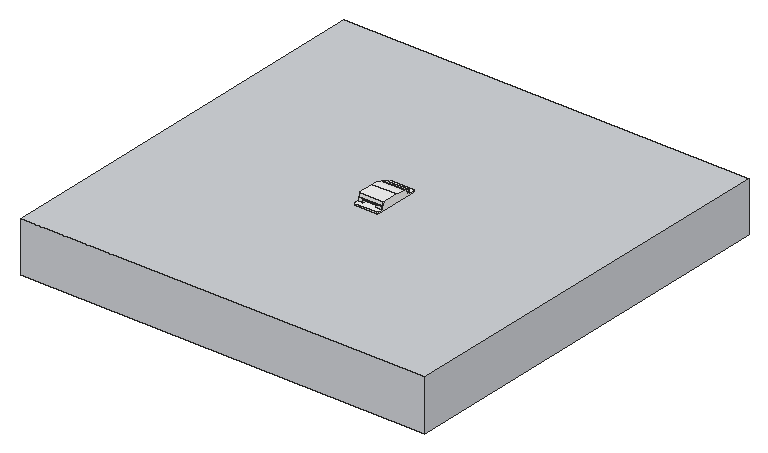
Revit family "Legrand_Gestion_eclairage_Actionneur_KNX", category Dispositifs d'éclairage, Revit 2020
Family settings
  Hôte = Face
  Conserver l'orientation des annotations = Non
  Cote de connecteur circulaire = Utiliser le diamètre
  Type d'élément = Normal
  Couper avec des vides une fois chargée = Non
  Partagée = Non
  Point de calcul de pièce = Non
Parameters (values of type "Variation 1-10V 4 sorties")
  Variation 10-10V 4 sorties = yes
  URL = "http://www.legrandoc.com/048887"
  Télécommandable = no
  Type de tension = ""
  Tension nominale (V) = 0
  Température (MIN) (°C) = 0
  Température (MAX) (°C) = 0
  Sensibilité réglable = no
  Sensibilité lumineuse réglable = no
  Sensibilité lumineuse (MIN) (lx) = 0
  Sensibilité lumineuse (MAX) (lx) = 0
  Réglage de lumière constante = no
  Portée max. latérale (m) = 0
  Portée max. frontale (m) = 0
  Numéro RAL = 0
  Modèle = "048887"
  Mode de montage = "autre"
  Liaison neutre = no
  Hauteur de montage maximale (m) = 0
  Gestion alarme = no
  Gestion CVC = no
  Fréquence (MIN) (Hz) = 0
  Fréquence (MAX) (Hz) = 0
  Fonction variateur intégré = no
  Fabricant = "Legrand"
  Exécution - Modèle = ""
  Entrée secondaire = no
  Default Elevation = 1219.2 mm
  Durée d'enclenchement min. (s) = 0
  Durée d'enclenchement max. (mn) = 0
  Diamètre de détection sur le plancher (m) = 0
  Description = "KNX CONTROLLEUR FAUX PLAFOND 4 SORTIES 1-10V"
  DALI 4 sorties = no
  Courant de démarrage max. (A) = 0
  Coupure forcée = no
  Couleur = none
  Cosses d'artère secondaire = no
  Condition Générale d'Utilisation = "https://export.legrand.com/CGU-objets-BIM"
  Collecteur de terre = no
  Classe de protection (IP) = "IP20"
  Capacité de coupure max. (W) = 0
  Angle de détection horizontal (MIN) (°) = 0
  Angle de détection horizontal (MAX) (°) = 0
  Adapté pour transmission sans fil = no
Types (3, lengths in mm): name | Variation 10-10V 4 sorties | URL | Modèle | Description | DALI 4 sorties
  (no name) | no | "http://www.legrandoc.com/048888" | "048888" | "KNX CONTROLLEUR FAUX PLAFOND 4 SORTIES DALI" | yes
  Variation 1-10V 4 sorties | yes | "http://www.legrandoc.com/048887" | "048887" | "KNX CONTROLLEUR FAUX PLAFOND 4 SORTIES 1-10V" | no
  DALI 4 sorties | no | "http://www.legrandoc.com/048888" | "048888" | "KNX CONTROLLEUR FAUX PLAFOND 4 SORTIES DALI" | yes
Reference planes
  plane 1 "Centre (avant/arrière)": y = 0
  plane 2: z = 0
  plane 3 "Centre (gauche/droite)": x = 0
Forms (mm)
  Extrusion 1, solid
    sketch origin (0, 0, 0) x (1, 0, 0) y (0, 1, 0)
      loop
        line (-1219.2, 1219.2) -> (-1219.2, -1219.2) -> (1219.2, -1219.2) -> (1219.2, 1219.2) -> (-1219.2, 1219.2)
    from 0 to -304.8
Dimensions and locks
  aligned and locked: plane 2 to Extrusion 1
  aligned and locked: level to Extrusion 1
Nested families
  nested 1: "Legrand-Gestion_éclairage-Actionneur-KNX" at (0, 0, 0), type "DALI 4 sorties"
    with Variation 1-10V 4 sorties yes, DALI 4 sorties no
Connectors
  electrical at (0, 0, 0)
    settings: index 1, voltage 230 V, apparent load 0 VA, apparent load phase1 0 VA, apparent load phase2 0 VA, apparent load phase3 0 VA, power factor 1, load classification "Eclairage", number of poles 1, system type 30, power factor state 1, is connector primary yes, connector utility no, sub classification motor no, connector description ""
Definition of nested family "Legrand-Gestion_éclairage-Actionneur-KNX"
  Parameters (values of type "Variation 1-10V 4 sorties")
    Variation 1-10V 4 sorties = yes
    built-in parameter 1140140 [instance] = 1 (stored number, unit not read)
    Default Elevation = 1219.2 mm
    DALI 4 sorties = no
    built-in parameter 1140142 [instance] = -1
    built-in parameter 1155100 [instance] = -1
  Types (3, lengths in mm): name | Variation 1-10V 4 sorties | DALI 4 sorties
    (no name) | yes | no
    DALI 4 sorties | no | yes
    Variation 1-10V 4 sorties | yes | no
  Reference planes
    plane 1 "Centre (avant/arrière)": y = 0
    plane 2: z = 0
    plane 3 "Centre (gauche/droite)": x = 0
  Forms (mm)
    Extrusion 1, solid
      sketch origin (0, 0, 0) x (1, 0, 0) y (0, 1, 0)
        loop
          line (-1219.2, 1219.2) -> (-1219.2, -1219.2) -> (1219.2, -1219.2) -> (1219.2, 1219.2) -> (-1219.2, 1219.2)
      from 0 to -304.8
  Dimensions and locks
    aligned and locked: plane 2 to Extrusion 1
    aligned and locked: level to Extrusion 1
  Nested families
    nested 1: "Modelisation 41" at (0, 0, 0), type "Modelisation 41"
  Definition of nested family "Modelisation 41"
    Parameters (values of type "Modelisation 41 - 048887")
      Profondeur totale = 82 mm
      Longueur capot = 65 mm
      Largeur capot = 52 mm
      built-in parameter 1140140 [instance] = 1 (stored number, unit not read)
      Default Elevation = 0 mm
      Diamètre capot = 102 mm
      Ray Capot = Diamètre capot / 2  # 51 mm
      built-in parameter 1140142 [instance] = -1
      Commande 048888 = no
      Commande 048887 = yes
      built-in parameter 1155100 [instance] = -1
    Types (3, lengths in mm): name | Commande 048888 | Commande 048887
      (no name) | no | yes
      Modelisation 41 - 048888 | yes | no
      Modelisation 41 - 048887 | no | yes
    Reference planes
      plane 1 "Centre (avant/arrière)": y = 0
      plane 2: z = 0
      plane 3 "Centre (gauche/droite)": x = 0
      plane 4: z = 50
      plane 5: y = 137.5
      plane 6: y = -137.5
      plane 7: y = 120
      plane 8: y = -120
      plane 9: x = 73.5
      plane 10: x = -73.5
      plane 11: x = 25
      plane 12: x = -25
      plane 13: y = 106.929
      plane 14: z = 3.5
      plane 15: z = 10.5
      plane 16: y = -106.929
      plane 17: z = 23.296
    Forms (mm)
      Extrusion 1, solid
        sketch origin (0, 0, 0) x (1, 0, 0) y (0, 1, 0)
          loop
            line (-73.5, 0) -> (-73.5, -123.239)
            arc (-73.5, -123.239) -> (-72.403, -129.085) -> (-70.498, -134.719) r 42.362
            arc (-70.498, -134.719) -> (-68.889, -136.64) -> (-66.535, -137.5) r 4.842
            line (-66.535, -137.5) -> (66.535, -137.5)
            arc (66.535, -137.5) -> (68.889, -136.64) -> (70.498, -134.719) r 4.842
            arc (70.498, -134.719) -> (72.403, -129.085) -> (73.5, -123.239) r 42.362
            line (73.5, -123.239) -> (73.5, 0) -> (73.5, 123.239)
            arc (73.5, 123.239) -> (72.403, 129.085) -> (70.498, 134.719) r 42.362
            arc (70.498, 134.719) -> (68.889, 136.64) -> (66.535, 137.5) r 4.842
            line (66.535, 137.5) -> (-66.535, 137.5)
            arc (-66.535, 137.5) -> (-68.889, 136.64) -> (-70.498, 134.719) r 4.842
            arc (-70.498, 134.719) -> (-72.403, 129.085) -> (-73.5, 123.239) r 42.362
            line (-73.5, 123.239) -> (-73.5, 0)
        from 3.5 to 10.5
      Extrusion 2, solid
        sketch origin (0, 0, 0) x (0, 1, 0) y (0, 0, 1)
          loop
            line (105.429, 10.5) -> (105.429, 12.012)
            arc (105.429, 12.012) -> (84.808, 18.644) -> (71.919, 36.053) r 35.376
            line (71.919, 36.053) -> (71.919, 39.053)
            arc (71.919, 39.053) -> (36.373, 47.248) -> (0, 50) r 241.719
            line (0, 50) -> (-97.429, 50) -> (-97.429, 29) -> (-105.429, 29) -> (-105.429, 10.5) -> (105.429, 10.5)
        from -73.5 to 73.5
      Extrusion 3, solid
        sketch origin (0, 15.669, -1.514) x (0, 1, 0) y (0, 0, 1)
          loop
            arc (88.261, 27.531) -> (72.479, 34.369) -> (56.25, 40.068) r 241.719
            line (56.25, 40.068) -> (56.25, 37.568)
            arc (56.25, 37.568) -> (68.535, 20.602) -> (88.261, 13.558) r 35.376
            line (88.261, 13.558) -> (88.261, 27.531)
        from -72 to 72
      Extrusion 4, void
        sketch origin (0, 0, 0) x (1, 0, 0) y (0, 1, 0)
          loop
            arc (-72, 89.161) -> (-67.525, 99.618) -> (-57, 103.929) r 15.002
            line (-57, 103.929) -> (-57, 105.429) -> (-73.5, 105.429) -> (-73.5, 89.161) -> (-72, 89.161)
          loop
            line (72, 89.161) -> (73.5, 89.161) -> (73.5, 105.429) -> (57, 105.429) -> (57, 103.929)
            arc (57, 103.929) -> (67.525, 99.618) -> (72, 89.161) r 15.002
        from 10.5 to 36.053
      Extrusion 5, void
        sketch origin (0, 0, 0) x (1, 0, 0) y (0, 1, 0)
          loop
            line (-62.869, 106.929) -> (-74.691, 106.929) -> (-74.691, 94.753) -> (-73.5, 94.753)
            arc (-73.5, 94.753) -> (-70.281, 102.178) -> (-62.869, 105.429) r 11.072
            line (-62.869, 105.429) -> (-62.869, 106.929)
        from 10.5 to 20
      Extrusion 6, void
        sketch origin (0, 0, 0) x (-1, 0, 0) y (0, -1, 0)
          loop
            line (-62.869, -106.929) -> (-62.869, -105.429)
            arc (-62.869, -105.429) -> (-70.281, -102.178) -> (-73.5, -94.753) r 11.072
            line (-73.5, -94.753) -> (-74.691, -94.753) -> (-74.691, -106.929) -> (-62.869, -106.929)
        from 10.5 to 20
      Extrusion 7, void
        sketch origin (0, 1.5, 0) x (1, 0, 0) y (0, 1, 0)
          loop
            line (-69.53, -98.929) -> (-70.5, -98.929)
            arc (-70.5, -98.929) -> (-72.621, -98.051) -> (-73.5, -95.929) r 3
            line (-73.5, -95.929) -> (-74.53, -95.929) -> (-74.53, -99.953) -> (-69.53, -99.953) -> (-69.53, -98.929)
        from 29 to 50
      Extrusion 8, void
        sketch origin (0, 0, 0) x (1, 0, 0) y (0, 1, 0)
          loop
            arc (73.5, -102.429) -> (72.621, -104.551) -> (70.5, -105.429) r 3
            line (70.5, -105.429) -> (70.5, -106.929) -> (74.801, -106.929) -> (74.801, -102.429) -> (73.5, -102.429)
        from 10.5 to 29
      Extrusion 9, void
        sketch origin (0, 0, 0) x (-1, 0, 0) y (0, -1, 0)
          loop
            line (73.5, 102.429) -> (74.801, 102.429) -> (74.801, 106.929) -> (70.5, 106.929) -> (70.5, 105.429)
            arc (70.5, 105.429) -> (72.621, 104.551) -> (73.5, 102.429) r 3
        from 10.5 to 29
      Extrusion 10, void
        sketch origin (0, 0, 0) x (1, 0, 0) y (0, 0, 1)
          loop
            line (-56, 12.044) -> (56.004, 12.044) -> (56.004, 18.74)
            arc (56.004, 18.74) -> (54.968, 21.24) -> (52.468, 22.276) r 3.536
            line (52.468, 22.276) -> (-52.464, 22.276)
            arc (-52.464, 22.276) -> (-54.964, 21.24) -> (-56, 18.74) r 3.536
            line (-56, 18.74) -> (-56, 12.044)
        from -109.5 to -66.528
      Extrusion 11, void
        sketch origin (0, 0, 0) x (1, 0, 0) y (0, 0, 1)
          loop
            line (-43.5, 25.296) -> (-43.5, 10.5) -> (31, 10.5) -> (31, 25.296) -> (-43.5, 25.296)
        from -71.919 to 106.929
      Extrusion 12, void
        sketch origin (0, 1.5, 0) x (-1, 0, 0) y (0, -1, 0)
          loop
            line (-69.53, 98.929) -> (-69.53, 99.953) -> (-74.53, 99.953) -> (-74.53, 95.929) -> (-73.5, 95.929)
            arc (-73.5, 95.929) -> (-72.621, 98.051) -> (-70.5, 98.929) r 3
            line (-70.5, 98.929) -> (-69.53, 98.929)
        from 29 to 50
    Cuts and joins
      Extrusion 5, Extrusion 6, Extrusion 7, Extrusion 8, Extrusion 9, Extrusion 11, Extrusion 12 cuts Extrusion 1
      Extrusion 5, Extrusion 6, Extrusion 7, Extrusion 8, Extrusion 9, Extrusion 11, Extrusion 12 cuts Extrusion 2
      joined: Extrusion 1, Extrusion 2
      Extrusion 4, Extrusion 5, Extrusion 10 cuts Extrusion 3
    Lines and regions (mm)
      model lines, not visible
        curve 1: line (86, 0, 0) -> (0, 0, 0)
        curve 2: line (0, 0, 0) -> (0, -52.187, 0)
        curve 3: arc (86, 0, 0) -> (84.972, -12.666, 0) -> (79.53, -24.148, 0) r 35.33
        curve 4: arc (79.53, -24.148, 0) -> (72.004, -39.03, 0) -> (69.387, -55.499, 0) r 53.916
        curve 5: line (56, -61, 0) -> (61, -60.563, 0)
        curve 6: line (61, -60.563, 0) -> (61, -59.687, 0)
        curve 7: arc (61, -59.687, 0) -> (65.726, -58.66, 0) -> (69.387, -55.499, 0) r 9.813
        curve 8: arc (0, -52.187, 0) -> (22.855, -55.983, 0) -> (46, -57.022, 0) r 193.641
        curve 9: arc (46, -57.022, 0) -> (51.397, -58.014, 0) -> (56, -61, 0) r 14.03
        curve 10: arc (0, -51, -35) -> (0, -46.894, -36.173) -> (0, -43.086, -38.106) r 22.313
        curve 11: line (0, -26, -43.1) -> (0, -21, -43.1)
        curve 12: arc (0, -43.086, -38.106) -> (0, -34.806, -42.622) -> (0, -26, -46) r 71.004
        curve 13: line (0, -26, -46) -> (0, -21, -46)
        curve 14: line (0, -21, -46) -> (0, -18.947, -48.932)
        curve 15: line (0, -18.947, -48.932) -> (0, -12.425, -52)
        curve 16: line (0, -12.425, -52) -> (0, 0, -52)
        curve 17: line (-35.5, 0, 0) -> (-35.5, 91.261, 0)
        curve 18: line (-31.215, 115.5, 0) -> (31.215, 115.5, 0)
        curve 19: line (35.5, 91.261, 0) -> (35.5, 0, 0)
        curve 20: arc (-35.5, 91.261, 0) -> (-34.744, 93.571, 0) -> (-32.498, 94.5, 0) r 2.907
        curve 21: line (-32.498, 94.5, 0) -> (-32.498, 105, 0)
        curve 22: arc (-35.5, 108.239, 0) -> (-34.744, 105.929, 0) -> (-32.498, 105, 0) r 2.907
        curve 23: arc (-35.5, 108.239, 0) -> (-34.746, 111.454, 0) -> (-33.278, 114.413, 0) r 14.377
        curve 24: arc (-33.483, 114.087, 0) -> (-32.538, 115.098, 0) -> (-31.215, 115.5, 0) r 2.672
        curve 25: arc (35.5, 91.261, 0) -> (34.744, 93.571, 0) -> (32.498, 94.5, 0) r 2.907
        curve 26: line (32.498, 94.5, 0) -> (32.498, 105, 0)
        curve 27: arc (35.5, 108.239, 0) -> (34.744, 105.929, 0) -> (32.498, 105, 0) r 2.907
        curve 28: arc (35.5, 108.239, 0) -> (34.746, 111.454, 0) -> (33.278, 114.413, 0) r 14.377
        curve 29: arc (33.483, 114.087, 0) -> (32.538, 115.098, 0) -> (31.215, 115.5, 0) r 2.672
        curve 30: line (-35.5, 0, 0) -> (-35.5, -91.261, 0)
        curve 31: line (-31.215, -115.5, 0) -> (31.215, -115.5, 0)
        curve 32: line (35.5, -91.261, 0) -> (35.5, 0, 0)
        curve 33: arc (-35.5, -91.261, 0) -> (-34.744, -93.571, 0) -> (-32.498, -94.5, 0) r 2.907
        curve 34: line (-32.498, -94.5, 0) -> (-32.498, -105, 0)
        curve 35: arc (-35.5, -108.239, 0) -> (-34.744, -105.929, 0) -> (-32.498, -105, 0) r 2.907
        curve 36: arc (-35.5, -108.239, 0) -> (-34.746, -111.454, 0) -> (-33.278, -114.413, 0) r 14.377
        curve 37: arc (-33.483, -114.087, 0) -> (-32.538, -115.098, 0) -> (-31.215, -115.5, 0) r 2.672
        curve 38: arc (35.5, -91.261, 0) -> (34.744, -93.571, 0) -> (32.498, -94.5, 0) r 2.907
        curve 39: line (32.498, -94.5, 0) -> (32.498, -105, 0)
        curve 40: arc (35.5, -108.239, 0) -> (34.744, -105.929, 0) -> (32.498, -105, 0) r 2.907
        curve 41: arc (35.5, -108.239, 0) -> (34.746, -111.454, 0) -> (33.278, -114.413, 0) r 14.377
        curve 42: arc (33.483, -114.087, 0) -> (32.538, -115.098, 0) -> (31.215, -115.5, 0) r 2.672
        curve 43: arc (0, 0, 44) -> (0, 29.131, 42.614) -> (0, 57.75, 37) r 199.673
        curve 44: line (0, 94.502, 7) -> (0, 94.502, 10)
        curve 45: line (0, 57.75, 37) -> (0, 57.75, 34)
        curve 46: arc (0, 57.75, 34) -> (0, 72.329, 16.185) -> (0, 94.502, 10) r 38.151
        curve 47: arc (0, 0, 44) -> (0, -29.131, 42.614) -> (0, -57.75, 37) r 199.673
        curve 48: line (0, -94.502, 7) -> (0, -94.502, 10)
        curve 49: line (0, -57.75, 37) -> (0, -57.75, 34)
        curve 50: arc (0, -57.75, 34) -> (0, -72.329, 16.185) -> (0, -94.502, 10) r 38.151
        curve 51: line (0, 94.502, 7) -> (0, -94.502, 7)
      model lines, visible <- "Commande 048887", not visible
        curve 52: line (-58.5, -27.5, 0) -> (-58.5, -93.429, 0)
        curve 53: line (-58.5, -93.429, 0) -> (31, -93.429, 0)
        curve 54: line (31, -93.429, 0) -> (31, -77.429, 0)
        curve 55: line (31, -77.429, 0) -> (58.5, -77.429, 0)
        curve 56: line (58.5, -77.429, 0) -> (58.5, -27.5, 0)
        curve 57: line (58.5, -27.5, 0) -> (-58.5, -27.5, 0)
        curve 58: circle (-30, -58.889, 0) r 5 normal (0, 0, 1)
        curve 59: circle (-30, -71.389, 0) r 5 normal (0, 0, 1)
        curve 60: circle (-17.5, -58.889, 0) r 5 normal (0, 0, 1)
        curve 61: circle (-17.5, -71.389, 0) r 5 normal (0, 0, 1)
        curve 62: circle (-5, -58.889, 0) r 5 normal (0, 0, 1)
        curve 63: circle (-5, -71.389, 0) r 5 normal (0, 0, 1)
        curve 64: circle (7.5, -58.889, 0) r 5 normal (0, 0, 1)
        curve 65: circle (7.5, -71.389, 0) r 5 normal (0, 0, 1)
        curve 66: circle (-17.5, -58.889, 0) r 5 normal (0, 0, 1)
        curve 67: circle (-17.5, -71.389, 0) r 5 normal (0, 0, 1)
        curve 68: circle (-5, -58.889, 0) r 5 normal (0, 0, 1)
        curve 69: circle (-5, -71.389, 0) r 5 normal (0, 0, 1)
        curve 70: circle (7.5, -58.889, 0) r 5 normal (0, 0, 1)
        curve 71: circle (7.5, -71.389, 0) r 5 normal (0, 0, 1)
        curve 72: circle (-23.75, -65.139, 0) r 1.5 normal (0, 0, 1)
        curve 73: circle (-11.25, -65.139, 0) r 1.5 normal (0, 0, 1)
        curve 74: circle (1.25, -65.139, 0) r 1.5 normal (0, 0, 1)
        curve 75: circle (-36.25, -65.139, 0) r 1.5 normal (0, 0, 1)
        curve 76: circle (32.88, -65.139, 0) r 1.5 normal (0, 0, 1)
        curve 77: circle (32.88, -58.889, 0) r 1.5 normal (0, 0, 1)
      model lines, visible <- "Commande 048887"
        curve 78: line (-58.5, -27.5, 50) -> (-58.5, -93.429, 50)
        curve 79: line (-58.5, -93.429, 50) -> (31, -93.429, 50)
        curve 80: line (31, -93.429, 50) -> (31, -77.429, 50)
        curve 81: line (31, -77.429, 50) -> (58.5, -77.429, 50)
        curve 82: line (58.5, -77.429, 50) -> (58.5, -27.5, 50)
        curve 83: line (58.5, -27.5, 50) -> (-58.5, -27.5, 50)
        curve 84: circle (-30, -58.889, 50) r 5 normal (0, 0, 1)
        curve 85: circle (-30, -71.389, 50) r 5 normal (0, 0, 1)
        curve 86: circle (-17.5, -58.889, 50) r 5 normal (0, 0, 1)
        curve 87: circle (-17.5, -71.389, 50) r 5 normal (0, 0, 1)
        curve 88: circle (-5, -58.889, 50) r 5 normal (0, 0, 1)
        curve 89: circle (-5, -71.389, 50) r 5 normal (0, 0, 1)
        curve 90: circle (7.5, -58.889, 50) r 5 normal (0, 0, 1)
        curve 91: circle (7.5, -71.389, 50) r 5 normal (0, 0, 1)
        curve 92: circle (-17.5, -58.889, 50) r 5 normal (0, 0, 1)
        curve 93: circle (-17.5, -71.389, 50) r 5 normal (0, 0, 1)
        curve 94: circle (-5, -58.889, 50) r 5 normal (0, 0, 1)
        curve 95: circle (-5, -71.389, 50) r 5 normal (0, 0, 1)
        curve 96: circle (7.5, -58.889, 50) r 5 normal (0, 0, 1)
        curve 97: circle (7.5, -71.389, 50) r 5 normal (0, 0, 1)
        curve 98: circle (-23.75, -65.139, 50) r 1.5 normal (0, 0, 1)
        curve 99: circle (-11.25, -65.139, 50) r 1.5 normal (0, 0, 1)
        curve 100: circle (1.25, -65.139, 50) r 1.5 normal (0, 0, 1)
        curve 101: circle (-36.25, -65.139, 50) r 1.5 normal (0, 0, 1)
        curve 102: circle (32.88, -65.139, 50) r 1.5 normal (0, 0, 1)
        curve 103: circle (32.88, -58.889, 50) r 1.5 normal (0, 0, 1)
      model lines, visible <- "Commande 048888"
        curve 104: line (-58.5, -27.5, 50) -> (-58.5, -93.429, 50)
        curve 105: line (-58.5, -93.429, 50) -> (31, -93.429, 50)
        curve 106: line (31, -93.429, 50) -> (31, -77.429, 50)
        curve 107: line (31, -77.429, 50) -> (58.5, -77.429, 50)
        curve 108: line (58.5, -77.429, 50) -> (58.5, -27.5, 50)
        curve 109: line (58.5, -27.5, 50) -> (-58.5, -27.5, 50)
        curve 110: circle (-30, -58.889, 50) r 5 normal (0, 0, 1)
        curve 111: circle (-30, -71.389, 50) r 5 normal (0, 0, 1)
        curve 112: circle (-17.5, -58.889, 50) r 5 normal (0, 0, 1)
        curve 113: circle (-17.5, -71.389, 50) r 5 normal (0, 0, 1)
        curve 114: circle (-5, -58.889, 50) r 5 normal (0, 0, 1)
        curve 115: circle (-5, -71.389, 50) r 5 normal (0, 0, 1)
        curve 116: circle (7.5, -58.889, 50) r 5 normal (0, 0, 1)
        curve 117: circle (7.5, -71.389, 50) r 5 normal (0, 0, 1)
        curve 118: circle (-17.5, -58.889, 50) r 5 normal (0, 0, 1)
        curve 119: circle (-17.5, -71.389, 50) r 5 normal (0, 0, 1)
        curve 120: circle (-5, -58.889, 50) r 5 normal (0, 0, 1)
        curve 121: circle (-5, -71.389, 50) r 5 normal (0, 0, 1)
        curve 122: circle (7.5, -58.889, 50) r 5 normal (0, 0, 1)
        curve 123: circle (7.5, -71.389, 50) r 5 normal (0, 0, 1)
        curve 124: circle (20, -71.389, 50) r 5 normal (0, 0, 1)
        curve 125: circle (-23.75, -65.139, 50) r 1.5 normal (0, 0, 1)
        curve 126: circle (-11.25, -65.139, 50) r 1.5 normal (0, 0, 1)
        curve 127: circle (1.25, -65.139, 50) r 1.5 normal (0, 0, 1)
        curve 128: circle (-36.25, -65.139, 50) r 1.5 normal (0, 0, 1)
        curve 129: arc (24.898, -67.924, 50) -> (14, -71.389, 50) -> (24.898, -74.855, 50) r 6
        curve 130: arc (33, -69.389, 50) -> (35, -71.389, 50) -> (33, -73.389, 50) r 2
        curve 131: arc (24.898, -67.924, 50) -> (28.883, -69.02, 50) -> (33, -69.389, 50) r 23.125
        curve 132: arc (24.898, -74.855, 50) -> (28.883, -73.759, 50) -> (33, -73.389, 50) r 23.125
        curve 133: circle (32.864, -71.389, 50) r 1.5 normal (0, 0, 1)
        curve 134: circle (32.88, -65.139, 50) r 1.5 normal (0, 0, 1)
        curve 135: circle (32.88, -58.889, 50) r 1.5 normal (0, 0, 1)
      model lines, visible <- "Commande 048888", not visible
        curve 136: line (-58.5, -27.5, 0) -> (-58.5, -93.429, 0)
        curve 137: line (-58.5, -93.429, 0) -> (31, -93.429, 0)
        curve 138: line (31, -93.429, 0) -> (31, -77.429, 0)
        curve 139: line (31, -77.429, 0) -> (58.5, -77.429, 0)
        curve 140: line (58.5, -77.429, 0) -> (58.5, -27.5, 0)
        curve 141: line (58.5, -27.5, 0) -> (-58.5, -27.5, 0)
        curve 142: circle (-30, -58.889, 0) r 5 normal (0, 0, 1)
        curve 143: circle (-30, -71.389, 0) r 5 normal (0, 0, 1)
        curve 144: circle (-17.5, -58.889, 0) r 5 normal (0, 0, 1)
        curve 145: circle (-17.5, -71.389, 0) r 5 normal (0, 0, 1)
        curve 146: circle (-5, -58.889, 0) r 5 normal (0, 0, 1)
        curve 147: circle (-5, -71.389, 0) r 5 normal (0, 0, 1)
        curve 148: circle (7.5, -58.889, 0) r 5 normal (0, 0, 1)
        curve 149: circle (7.5, -71.389, 0) r 5 normal (0, 0, 1)
        curve 150: circle (-17.5, -58.889, 0) r 5 normal (0, 0, 1)
        curve 151: circle (-17.5, -71.389, 0) r 5 normal (0, 0, 1)
        curve 152: circle (-5, -58.889, 0) r 5 normal (0, 0, 1)
        curve 153: circle (-5, -71.389, 0) r 5 normal (0, 0, 1)
        curve 154: circle (7.5, -58.889, 0) r 5 normal (0, 0, 1)
        curve 155: circle (7.5, -71.389, 0) r 5 normal (0, 0, 1)
        curve 156: circle (20, -71.389, 0) r 5 normal (0, 0, 1)
        curve 157: circle (-23.75, -65.139, 0) r 1.5 normal (0, 0, 1)
        curve 158: circle (-11.25, -65.139, 0) r 1.5 normal (0, 0, 1)
        curve 159: circle (1.25, -65.139, 0) r 1.5 normal (0, 0, 1)
        curve 160: circle (-36.25, -65.139, 0) r 1.5 normal (0, 0, 1)
        curve 161: arc (24.898, -67.924, 0) -> (14, -71.389, 0) -> (24.898, -74.855, 0) r 6
        curve 162: arc (33, -69.389, 0) -> (35, -71.389, 0) -> (33, -73.389, 0) r 2
        curve 163: arc (24.898, -67.924, 0) -> (28.883, -69.02, 0) -> (33, -69.389, 0) r 23.125
        curve 164: arc (24.898, -74.855, 0) -> (28.883, -73.759, 0) -> (33, -73.389, 0) r 23.125
        curve 165: circle (32.864, -71.389, 0) r 1.5 normal (0, 0, 1)
        curve 166: circle (32.88, -65.139, 0) r 1.5 normal (0, 0, 1)
        curve 167: circle (32.88, -58.889, 0) r 1.5 normal (0, 0, 1)
    Dimensions and locks
      plane 4 to plane 2 = 50 mm
      plane 7 to plane 8 = 240 mm
      plane 5 to plane 6 = 275 mm
      plane 10 to plane 9 = 147 mm
      plane 12 to plane 11 = 50 mm
      plane 13 to plane 5 = 30.571 mm
      plane 16 to plane 6 = 30.571 mm  (x2)
      plane 5 to plane 13 = 30.571 mm
      aligned and locked: level to plane 2
      aligned and locked: Extrusion 11 to Extrusion 2
